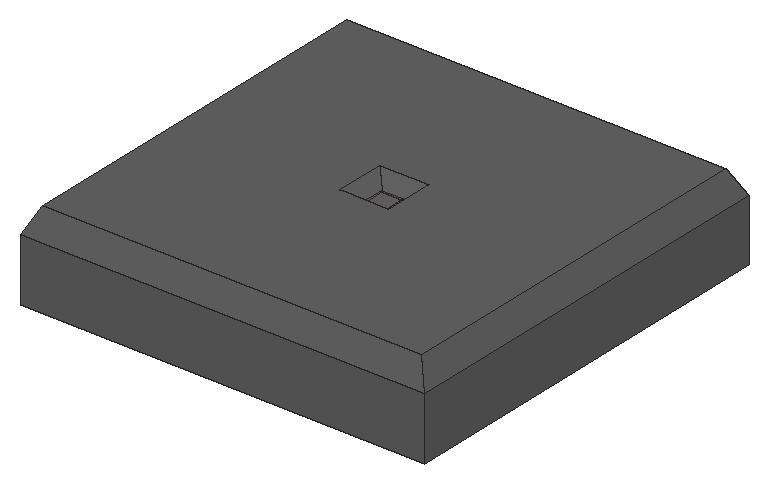
Revit family "Smartcard Reader_Delta53_Farpointe_R16", category Security Devices, host Face, Revit 2016
Family settings
  Host = Face
  Maintain Annotation Orientation = No
  Part Type = Normal
  Round Connector Dimension = Use Diameter
  Cut with Voids When Loaded = No
  Shared = No
  Room Calculation Point = No
Parameters
  Width = 3.25"
  URL - Quick Start Guides [instance] = "http://farpointedata.com/downloads/qsg_and_ref/SmartcardReaders_QSG.pdf"
  URL - Mounting Guides Letter Size [instance] = "http://farpointedata.com/downloads/mounting_guides/MountingGuide_Delta53_Ltr.pdf"
  URL - Mounting Guides A4 Size [instance] = "http://farpointedata.com/downloads/mounting_guides/MountingGuide_Delta53_A4.pdf"
  URL - Data Sheets [instance] = "http://farpointedata.com/downloads/datasheets/Delta53_TDS.pdf"
  URL - Bid Specifications [instance] = "http://farpointedata.com/downloads/bid_specs/Farpointe_Delta_Specification.docx"
  URL = "http://www.farpointedata.com/"
  Modeled By [instance] = "www.commensestudio.com"
  Model = "Delta5.3 Contactless Smartcard Reader"  # constant formula
  Manufacturer = "Farpointe Data"  # constant formula
  LED [instance] = LED
  Height = 3.25"
  Description = "European-Sized Mount"  # constant formula
  Depth = 0.8"
  Default Elevation = 48"
  Cover [instance] = Cover
Reference planes (in)
  plane 1 "Center (Front/Back)": y = 0
  plane 2: z = 0
  plane 3 "Center (Left/Right)": x = 0
  plane 4: x = -1.625
  plane 5: x = 1.625
  plane 6: y = 1.625
  plane 7: y = -1.625
  plane 8: z = 0.8
Forms (in)
  Extrusion 1, solid, material "Cover" <- "Cover"
    sketch origin (0, 0, 0) x (1, 0, 0) y (0, 1, 0)
      loop
        line (-1.625, -1.625) -> (1.625, -1.625) -> (1.625, 1.625) -> (-1.625, 1.625) -> (-1.625, -1.625)
    from 0 to 0.5
  Blend 2, solid, material "Cover" <- "Cover"
    base sketch origin (0, 0, 0) x (1, 0, 0) y (0, 1, 0)
      loop
        line (-1.625, 1.625) -> (-1.625, -1.625) -> (1.625, -1.625) -> (1.625, 1.625) -> (-1.625, 1.625)
    top sketch origin (0, 0, 0) x (1, 0, 0) y (0, 1, 0)
      loop
        line (-1.525, 1.525) -> (-1.525, -1.525) -> (1.525, -1.525) -> (1.525, 1.525) -> (-1.525, 1.525)
    from 0.5 to 0.7
  Extrusion 3, solid, material "LED" <- "LED"
    sketch origin (0, 0, 0) x (1, 0, 0) y (0, 1, 0)
      loop
        line (0.085, -0.085) -> (0.085, 0.085) -> (-0.085, 0.085) -> (-0.085, -0.085) -> (0.085, -0.085)
    from 0.5 to 0.61
  Blend 4, void
    base sketch origin (0, 0, 0) x (1, 0, 0) y (0, 1, 0)
      loop
        line (-0.085, 0.085) -> (-0.085, -0.085) -> (0.085, -0.085) -> (0.085, 0.085) -> (-0.085, 0.085)
    top sketch origin (0, 0, 0) x (1, 0, 0) y (0, 1, 0)
      loop
        line (-0.19907, 0.19907) -> (-0.19907, -0.19907) -> (0.19907, -0.19907) -> (0.19907, 0.19907) -> (-0.19907, 0.19907)
    from 0.6 to 0.7
Cuts and joins
  Blend 4 cuts Blend 2
Dimensions and locks (in)
  equal spacing: plane 7, plane 1 "Center (Front/Back)", plane 6
  equal spacing: plane 4, plane 3 "Center (Left/Right)", plane 5
  "Height": plane 7 to plane 6
  "Width": plane 4 to plane 5
  "Depth": plane 8 to level
  aligned and locked: plane 2 to host face
  aligned and locked: level to host face
  aligned and locked: plane 7 to Extrusion 1
  aligned and locked: Extrusion 1 to plane 6
  aligned and locked: Extrusion 1 to plane 4
  aligned and locked: plane 5 to Extrusion 1
  aligned and locked: plane 4 to Blend 2 sketch curve
  aligned and locked: plane 6 to Blend 2 sketch curve
  aligned and locked: Blend 2 sketch curve to plane 7
  aligned and locked: Blend 2 sketch curve to Extrusion 1
Automatic sketch dimensions
  host sketch curve to host sketch curve = 96"  (x2)
  plane 6 to Extrusion 1 sketch curve = 0"
  plane 4 to Extrusion 1 sketch curve = 0"
  Extrusion 1 sketch curve to plane 5 = 0"
  Extrusion 1 sketch curve to plane 7 = 0"
  Blend 2 sketch curve to plane 7 = 0.1"
  Blend 2 sketch curve to plane 3 "Center (Left/Right)" = 1.525"
  plane 3 "Center (Left/Right)" to Blend 2 sketch curve = 1.525"
  plane 6 to Blend 2 sketch curve = 0.1"
  Extrusion 3 sketch curve to plane 3 "Center (Left/Right)" = 0.085"
  plane 3 "Center (Left/Right)" to Extrusion 3 sketch curve = 0.085"
  plane 1 "Center (Front/Back)" to Extrusion 3 sketch curve = 0.085"
  Extrusion 3 sketch curve to plane 1 "Center (Front/Back)" = 0.085"
  Blend 4 sketch curve to plane 3 "Center (Left/Right)" = 0.085"
  plane 3 "Center (Left/Right)" to Blend 4 sketch curve = 0.085"
  plane 1 "Center (Front/Back)" to Blend 4 sketch curve = 0.085"
  Blend 4 sketch curve to plane 1 "Center (Front/Back)" = 0.085"
  Blend 4 sketch curve to plane 3 "Center (Left/Right)" = 0.19907"
  plane 3 "Center (Left/Right)" to Blend 4 sketch curve = 0.19907"
  plane 1 "Center (Front/Back)" to Blend 4 sketch curve = 0.19907"
  Blend 4 sketch curve to plane 1 "Center (Front/Back)" = 0.19907"
Connectors (in)
  electrical at (0, 0, 0)
    settings: index 3, voltage 0 V, apparent load 0 VA, apparent load phase1 0 VA, apparent load phase2 0 VA, apparent load phase3 0 VA, power factor 1, load classification "Other", number of poles 1, system type 10, power factor state 1, is connector primary yes, connector utility no, sub classification motor no, connector description ""
